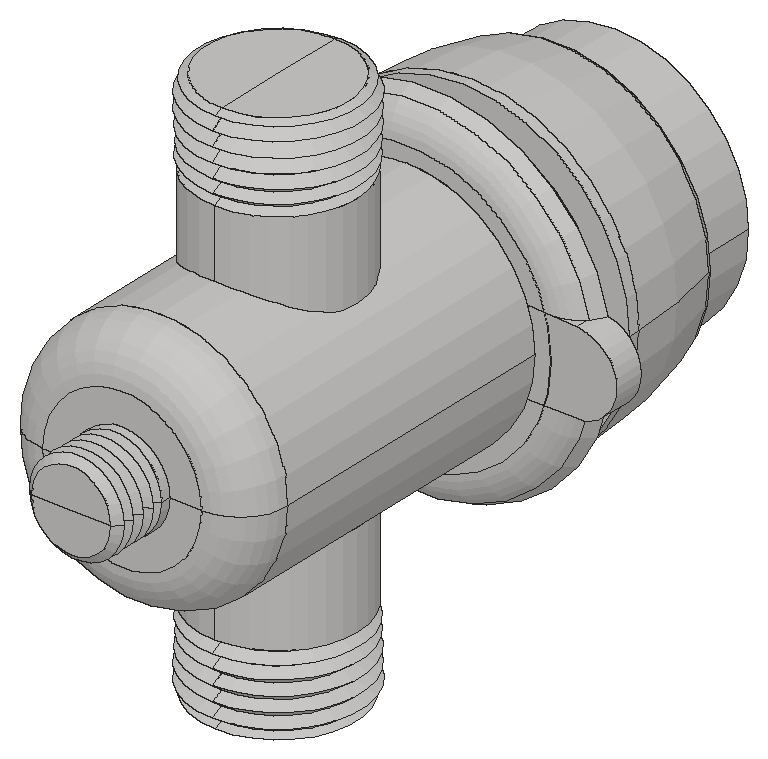
Revit family
Parameters (values of type "Type 1")
  WaterSupplyTemperatureMaximum = "55°C-85° (∆50°C : CW/HW)"
  WarrantyDurationUnit = "10 years"
  WarrantyDescription = "Any manufacturing defect"
  Version = "v1"
  SerialNumber = "3456330136334"
  ProductInformation = "http://www.delabie.com/products/749870"
  Operation = "Time flow valve"
  NominalHeight = 70 mm
  Name = "TEMPOSOFT 2"
  ModelNumber = "749870"
  Material = Brass
  ManufacturerURL = "http://www.delabie.com"
  ManufacturerName = "DELABIE"
  IntegralAccessoryOptions = "Thermostatic mixing valve "
  Grade = "ACS - PZH"
  FlowRate lps = "0,15 lps at 3 bar"
  FlowRate lpm = "9 lpm at 3 bar"
  Features  = "Time flow shower valve for panels:\r\nTEMPOSOFT 2 M½\" time flow valve for mixed water supply.\r\nFor panel or dry wall 7mm max.\r\nSoft-touch operation.\r\nTime flow ~30 sec.\r\nFlow rate pre-set at 9 lpm at 3 bar, can be adjusted.\r\nSolid brass body. "
  Description = "French manufacturer Delabie is a leader in the European sanitary ware market for non-domestic places. Water controls, solutions for disabled people, sanitary ware, for schools, leisure centres, offices, hospitals, airports…"
  Type Comments = "Time flow valve for panels"
  Model = "TEMPOSOFT 2"
  Manufacturer = "DELABIE"
  URL = "http://www.delabie.com"
  Radius = 10.3 mm
  Category = "Shower valve"
  Assembly Code = ""
Reference planes
  plane 1 "Wall": y = 0
  plane 2 "Center (Left/Right)": x = 125
  plane 3 "Back": y = 75
  plane 4: y = 75
Text (mm)
  text "Placement Side" at (-1848.837, 1116.779, 0), in view "Ref. Level"
  text "Placement side" at (0, 1409.804, 2854.306), in view "Left"
  text "Placement side" at (0, 499.811, 2980.732), in view "Right"
Dimensions and locks
  locked: plane 3 "Back" to host wall
  locked: plane 4 to plane 3 "Back" at 0
  aligned and locked: plane 1 "Wall" to host wall
  aligned and locked: nested 1 to plane 4
Nested families
  nested 1: "749870" at (225, 57.5, 1000), type "749870"
Connectors
  piping at (225, 46, 1009), driven by "Radius"
    settings: on nested 1, index 3, connector radius 10.3 mm, flow factor 0, pipe flow 0.15 L/s, pressure drop 0.0 Pa, fitting loss kfactor 0, connector angle 0.00°, fixture units 0, flow configuration 0, flow direction 1, fitting loss method 0, system type 19, connector reference index -1, connector utility 0, adjustable connector no, is connector primary yes, fitting loss table "", connector description "In - Mixed water"
Definition of nested family "749870"
  Parameters (values of type "749870")
    Description = "Robinet de douche temporisé pour panneau :\nRobinet temporisé TEMPOSOFT 2 M1/2\" pour alimentation en eau mitigée.\nPour panneau ou cloison sèche 7 mm maxi.\nDéclenchement souple.\nTemporisation ~30 sec.\nDébit préréglé à 9 l/min ajustable.\nCorps en laiton massif.\n\nCe modèle de robinetterie n’étant pas équipé d'un boîtier d’encastrement étanche, l’installateur devra prévoir l’étanchéité de la niche d’encastrement ainsi que l’évacuation des éventuels fuites et condensats (cf. notice d’installation).\n"
    URL = "http://www.delabie.fr/"
    Type Comments = "Robinet temporisé"
    Technologie = "Temporisée"
    Radius = 15 mm
    Raccordement = "M1/2\""
    Profondeur = "7 mm maxi"
    Model = "TEMPOSOFT 2"
    Finition = Laiton massif
    Manufacturer = "DELABIE"
    Lien notice d'installation = "http://www.delabie.fr/produits/749870"
    Lien fiche produit = "http://www.delabie.fr/produits/749870"
    Lien certification = "http://www.delabie.fr/produits/749870"
    Lien CCTP = "http://www.delabie.fr/produits/749870"
    Hauteur = "70 mm"
    Features = "Time flow shower valve for panels:\r\nTEMPOSOFT 2 M½\" time flow valve for mixed water supply.\r\nFor panel or dry wall 7mm max.\r\nSoft-touch operation.\r\nTime flow ~30 sec.\r\nFlow rate pre-set at 9 lpm can be adjusted.\r\nSolid brass body. "
    Famille de produits = "Douche"
    Débit = "9 l/min"
    COBie_WaterSupplyTemperatureMaximum = "55°C-85° (∆50°C : CW/HW)"
    COBie_WarrantyDurationUnit = "10 years"
    COBie_WarrantyDescription = "Any manufacturing defect"
    COBie_Version = "v1"
    COBie_SerialNumber = "3456330136334"
    COBie_ProductInformation = "http://www.delabie.com/products/749870"
    COBie_Operation = "Time flow valve"
    COBie_NominalHeight = "7cm"
    COBie_Name = "TEMPOSOFT 2"
    COBie_ModelNumber = "749870"
    COBie_Material = "Brass"
    COBie_ManufacturerURL = "http://www.delabie.com"
    COBie_ManufacturerName = "DELABIE"
    COBie_IntegralAccessoryOptions = "Thermostatic mixing valve "
    COBie_Grade = "ACS - PZH"
    COBie_FlowRate = "9 lpm"
    COBie_Description = "Time flow valve for panels"
    COBie_Category = "Shower valve"
    Butée de température = ""
    Alimentation électrique = ""
  Reference planes
    plane 1 "Center (Front/Back)": y = 0
    plane 2: z = 0
    plane 3 "Center (Left/Right)": x = 0
  Forms (mm)
    Revolve 1, solid, material "Laiton massif" <- "Finition"
      sketch origin (0, -14.875, 44) x (0, -1, 0) y (1, 0, 0)
        loop
          line (29.125, 0) -> (-58.875, 0) -> (-58.875, -5) -> (-57.964, -5.911) -> (-57.233, -4.868) -> (-56.615, -5.938) -> (-55.697, -4.844) -> (-55.079, -5.915) -> (-54.292, -4.791) -> (-53.523, -5.93) -> (-52.742, -4.814) -> (-52.098, -5.928) -> (-50.866, -5.928) -> (-50.866, -9.951)
          arc (-50.866, -9.951) -> (-49.092, -14.233) -> (-44.811, -16.006) r 6.054
          line (-44.811, -16.006) -> (-6.089, -16.006) -> (-6.089, -18.066)
          arc (-6.089, -18.066) -> (-5.559, -20.275) -> (-4.083, -22.003) r 4.866
          line (-4.083, -22.003) -> (-2.375, -22.794) -> (-2.375, -17.372) -> (-1.093, -17.372) -> (-0.503, -16.53) -> (0, -17.402) -> (0.622, -16.514) -> (1.343, -17.372) -> (1.98, -16.462) -> (2.625, -17.58) -> (2.625, -21.045) -> (4.057, -21.045)
          arc (4.057, -21.045) -> (10.797, -20.573) -> (17.406, -19.169) r 48.432
          arc (17.406, -19.169) -> (17.897, -18.85) -> (18.125, -18.312) r 1
          line (18.125, -18.312) -> (18.125, -16.78) -> (26.547, -16.78)
          arc (26.547, -16.78) -> (28.472, -8.488) -> (29.125, 0) r 56.274
        axis (-58.875, 0) -> (29.125, 0)
      angle from 0 to 360
    Extrusion 2, solid, material "Laiton massif" <- "Finition"
      sketch origin (0, -14.875, 44) x (1, 0, 0) y (0, 0, 1)
        loop
          line (-21.262, -5.289) -> (-15.088, -5.289) -> (-15.088, 5.317) -> (-21.262, 4.993)
          arc (-21.262, 4.993) -> (-26.403, -0.148) -> (-21.262, -5.289) r 5.141
        loop
          arc (21.262, -5.289) -> (26.403, -0.148) -> (21.262, 4.993) r 5.141
          line (21.262, 4.993) -> (15.088, 5.317) -> (15.088, -5.289) -> (21.262, -5.289)
      from -6.089 to -2.411
    Revolve 3, solid, material "Laiton massif" <- "Finition"
      sketch origin (0, -14.875, 44) x (0, 0, 1) y (0, -1, 0)
        loop
          line (12.696, -16.379) -> (12.696, -26.375) -> (35, -26.375) -> (35, -17.456) -> (34.539, -16.529) -> (34.045, -17.456) -> (33.101, -16.028) -> (32.341, -17.456) -> (31.244, -16.047) -> (30.495, -17.456) -> (29.428, -16.085) -> (28.604, -17.456) -> (27.601, -16.167) -> (26.698, -17.456) -> (25.954, -16.155) -> (25.043, -17.456) -> (24.427, -16.379) -> (12.696, -16.379)
        loop
          line (-12.696, -16.379) -> (-24.427, -16.379) -> (-25.043, -17.456) -> (-25.954, -16.155) -> (-26.698, -17.456) -> (-27.601, -16.167) -> (-28.604, -17.456) -> (-29.428, -16.085) -> (-30.495, -17.456) -> (-31.244, -16.047) -> (-32.341, -17.456) -> (-33.101, -16.028) -> (-34.045, -17.456) -> (-34.539, -16.529) -> (-35, -17.456) -> (-35, -26.375) -> (-12.696, -26.375) -> (-12.696, -16.379)
        axis (35, -26.375) -> (-35, -26.375)
      angle from 0 to 360
  Connectors
    piping at (0, 11.5, 9), driven by "Radius"
      settings: on Revolve 3, index 1, connector radius 15 mm, flow factor 0, pipe flow 0.0 L/s, pressure drop 0.0 Pa, fitting loss kfactor 0, connector angle 0.00°, fixture units 0, flow configuration 0, flow direction 0, fitting loss method 0, system type 7, connector reference index -1, connector utility 0, adjustable connector no, is connector primary yes, fitting loss table "", connector description ""
